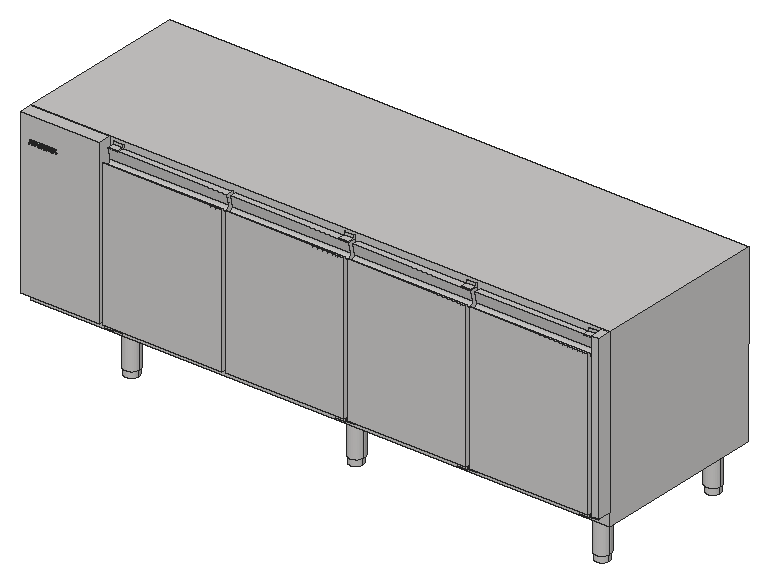
Revit family "QF_ALPENINOX_721160_AA4R7AAAA", category Attrezzature speciali, Revit 2018
Family settings
  Quota connettore circolare = Usa diametro
  Tipo di parte = Normale
  Basato su piano di lavoro = No
  Sempre verticale = Sì
  Taglio con vuoti quando caricato = No
  Condiviso = No
  Punto di calcolo locali = No
Parameters (values of type "Standard")
  Weight = 130.00 kg
  Watts = 270 W
  Volts = 220 V
  URL Manufacturer = "http://www.alpeninox.com"
  URL = "http://www.alpeninox.com"
  Steam Supply Size = 0 mm
  Steam Supply Minimum Pressure = 0.0 Pa
  Steam Supply Maximum Pressure = 0.0 Pa
  Steam Consumption per Hour = 0
  Refrigeration Suction Line Size = 0 mm
  Refrigeration Liquid Line Size = 0 mm
  Refrigerant Compressor Remote = yes
  Produttore = "Alpeninox"
  Phase = 1
  Modello = "AA4R7AAAA"
  Length Actual = 2149 mm  # constant formula
  Item Number = "721160"
  Hot Water Size = 0 mm
  Height Actual = 800 mm  # constant formula
  HP = "0.4 HP"
  Gas Size = 0 mm
  Gas KW = 0
  Gas Input Pressure = 0 W
  Direct Waste Size = 0 mm
  Descrizione = "4-DOOR REFRIGERATED COUNTER, -2+10°C, FULL AISI 304 (R290), WITHOUT WORK TOP"
  Depth Actual = 700 mm  # constant formula
  Cycle = 50 Hz
  Condensate Return Size = 0 mm
  Compressed Air Volume = 0.0 L/s
  Compressed Air Size = 0 mm
  Compressed Air Pressure = 0.0 Pa
  Cold Water Size = 0 mm
  Accessory = yes
Values of the unnamed type that differ from the named types
  Weight = 0.00 kg
  Watts = 0 W
  Volts = 0 V
  URL Manufacturer = ""
  Item Number = ""
  HP = ""
  Cycle = 0 Hz
Reference planes
  plane 1: z = 0
  plane 2 "Center (Left/Right)": x = -126.5
  plane 3 "Center (Front/Back)": y = 64.5
  plane 4 "FEET": z = 150
  plane 5 "TOP": z = 850
  plane 6 "PLAIN": z = 800
  plane 7 "EI_back": y = 103
  plane 8 "EI_left": x = -1140
  plane 9 "BACK": y = 412
  plane 10 "FRONT": y = -283
  plane 11 "DOOR": y = -233
  plane 12 "LEFT": x = -1201
  plane 13 "RIGHT": x = 948
  plane 14: x = -1176
  plane 15: x = 923
Forms (mm)
  Extrusion 1, solid, material "QF_Finishes_Stainless Steel"
    sketch origin (-1022.223, -1524, 150) x (-1, 0, 0) y (0, -1, 0)
      loop
        circle (117.777, -1627) r 5
    from 0 to -40
  Extrusion 2, solid, material "QF_Finishes_Stainless Steel"
    sketch origin (-1022.223, -1524, 150) x (-1, 0, 0) y (0, -1, 0)
      loop
        line (-1945.223, -1291) -> (-1945.223, -1241) -> (-1970.223, -1241) -> (-1970.223, -1291) -> (-1945.223, -1291)
    from 48 to 650
  Extrusion 3, solid, material "QF_Finishes_Stainless Steel"
    sketch origin (-1022.223, -1524, 150) x (-1, 0, 0) y (0, -1, 0)
      loop
        line (178.777, -1936) -> (178.777, -1291) -> (-1970.223, -1291) -> (-1970.223, -1936) -> (178.777, -1936)
    from 0 to 650
Lines and regions (mm)
  symbolic lines, style "SpecialityEquipmentHiddenLines"
    curve 1: line (-1201, 412, 150) -> (948, 412, 150)
    curve 2: line (-1201, -283, 150) -> (-1201, 412, 150)
    curve 3: line (948, -283, 150) -> (-1201, -283, 150)
    curve 4: line (948, 412, 150) -> (948, -283, 150)
    curve 5: line (-1201, -233, 150) -> (948, -233, 150)
    curve 6: line (923, -283, 150) -> (923, -233, 150)
Dimensions and locks
  plane 4 "FEET" to level = 150 mm
  plane 11 "DOOR" to plane 10 "FRONT" = 50 mm
  plane 6 "PLAIN" to plane 4 "FEET" = 650 mm
  plane 5 "TOP" to plane 6 "PLAIN" = 50 mm
  plane 12 "LEFT" to plane 14 = 25 mm
  plane 15 to plane 13 "RIGHT" = 25 mm
  plane 9 "BACK" to plane 7 "EI_back" = 309 mm
  plane 12 "LEFT" to plane 8 "EI_left" = 61 mm
  plane 12 "LEFT" to plane 13 "RIGHT" = 2149 mm
  equal spacing: plane 12 "LEFT", plane 2 "Center (Left/Right)", plane 13 "RIGHT"
  plane 9 "BACK" to plane 10 "FRONT" = 695 mm
  equal spacing: plane 9 "BACK", plane 3 "Center (Front/Back)", plane 10 "FRONT"
  aligned and locked: level to plane 1
Automatic sketch dimensions
  Extrusion 1 sketch curve to plane 7 "EI_back" = 0 mm
  Extrusion 1 sketch curve to plane 8 "EI_left" = 0 mm
  Extrusion 2 sketch curve to plane 11 "DOOR" = 0 mm
  Extrusion 2 sketch curve to plane 13 "RIGHT" = 0 mm
  Extrusion 2 sketch curve to plane 10 "FRONT" = 0 mm
  Extrusion 2 sketch curve to plane 15 = 0 mm
  Extrusion 3 sketch curve to plane 9 "BACK" = 0 mm
  Extrusion 3 sketch curve to plane 13 "RIGHT" = 0 mm
  Extrusion 3 sketch curve to plane 11 "DOOR" = 0 mm
  Extrusion 3 sketch curve to plane 12 "LEFT" = 0 mm
  curve 1 to plane 13 "RIGHT" = 0 mm
  curve 6 to plane 10 "FRONT" = 0 mm
  curve 6 to plane 15 = 0 mm
  curve 5 to plane 12 "LEFT" = 0 mm
  curve 6 to plane 11 "DOOR" = 0 mm
  curve 1 to plane 9 "BACK" = 0 mm
  radius of Extrusion 1 sketch curve = 5 mm
Nested families
  nested 1: "HP_Refrigerator" at (948, -283, 0), type "HP_Refrigerator"
  nested 2: "HP_FEET" at (-867, 331, 0), type "HP_FEET"
  nested 3: "HP_FEET" at (882, 331, 0), type "HP_FEET"
  nested 4: "HP_FEET" at (-867, -183, 0), type "HP_FEET"
  nested 5: "HP_FEET" at (882, -183, 0), type "HP_FEET"
  nested 6: "HP_FEET" at (-32, -183, 0), type "HP_FEET"
  nested 7: "HP_APX_BI_TN_L" at (-994.08, -233, 548) x (1, 0, 0) z (0, -1, 0), type "HP_APX_BI_TN_L"
    with Show Logo yes
  nested 8: "HP_APX_SD_L" at (-673, -233, 458.88) x (1, 0, 0) z (0, -1, 0), type "HP_APX_SD_L"
    with Show Clearance yes
  nested 9: "HP_APX_SD_R" at (-219, -233, 458.88) x (1, 0, 0) z (0, -1, 0), type "HP_APX_SD_R"
    with Show Clearance yes
  nested 10: "HP_APX_SD_R" at (235, -233, 458.88) x (1, 0, 0) z (0, -1, 0), type "HP_APX_SD_R"
    with Show Clearance yes
  nested 11: "HP_APX_SD_R" at (689, -233, 458.88) x (1, 0, 0) z (0, -1, 0), type "HP_APX_SD_R"
    with Show Clearance yes
Connectors
  electrical at (-1140, 103, 110), driven by "Volts"
    settings: on Extrusion 1, index 1, voltage 220 V, apparent load 0 VA, apparent load phase1 0 VA, apparent load phase2 0 VA, apparent load phase3 0 VA, power factor 1, load classification "Other", number of poles 1, system type 31, power factor state 1, is connector primary yes, connector utility no, sub classification motor no, connector description "Electrical Connection"
Definition of nested family "HP_FEET"
  Parameters
    FEET = 150 mm
  Reference planes
    plane 1 "Center (Front/Back)": y = 0
    plane 2: z = 0
    plane 3 "Center (Left/Right)": x = 0
    plane 4: z = 150
  Forms (mm)
    Revolve 1, solid
      sketch origin (255.05, 0, 608.09) x (0, 0, 1) y (-1, 0, 0)
        loop
          line (-608.09, 255.05) -> (-608.09, 230.05) -> (-583.09, 230.05) -> (-583.09, 226.05) -> (-458.09, 226.05) -> (-458.09, 255.05) -> (-608.09, 255.05)
        axis (-608.09, 255.05) -> (-458.09, 255.05)
      angle from 0 to 360
  Dimensions and locks
    locked: Revolve 1 sketch curve to Revolve 1 sketch curve at 125
    "FEET": plane 4 to plane 2
    aligned and locked: level to plane 2
    aligned and locked: plane 4 to Revolve 1 sketch curve
    aligned and locked: Revolve 1 sketch curve to level
    aligned and locked: plane 3 "Center (Left/Right)" to Revolve 1 sketch curve
  Automatic sketch dimensions
    Revolve 1 sketch curve to plane 3 "Center (Left/Right)" = 0 mm
    Revolve 1 sketch curve to Revolve 1 sketch curve = 25 mm
    Revolve 1 sketch curve to Revolve 1 sketch curve = 29 mm
    plane 4 to Revolve 1 sketch curve = 50 mm
    Revolve 1 sketch curve to Revolve 1 sketch curve = 20 mm
Definition of nested family "HP_APX_BI_TN_L"
  Parameters
    Show Logo [instance] = yes
    Default Elevation = 1219.2 mm
  Reference planes
    plane 1 "Center (Front/Back)": y = -49
    plane 2: z = 0
    plane 3 "Center (Left/Right)": x = -59.92
    plane 4: x = -206.92
    plane 5: x = 87.08
    plane 6: y = 252
    plane 7: y = -350
  Forms (mm)
    Extrusion 1, solid
      sketch origin (0, 0, 0) x (1, 0, 0) y (0, 1, 0)
        loop
          line (-1219.2, 1219.2) -> (-1219.2, -1219.2) -> (1219.2, -1219.2) -> (1219.2, 1219.2) -> (-1219.2, 1219.2)
      from 0 to -304.8
    Extrusion 2, solid
      sketch origin (0, 0, 0) x (1, 0, 0) y (0, 1, 0)
        loop
          line (-206.92, 252) -> (-206.92, -350) -> (87.08, -350) -> (87.08, 252) -> (-206.92, 252)
      from 0 to 50
    Extrusion 3, solid
      sketch origin (0, 0, 0) x (1, 0, 0) y (0, 1, 0)
        loop
          line (-168.675, 170.349) -> (-172.411, 160.318)
          arc (-172.411, 160.318) -> (-171.624, 158.497) -> (-169.837, 159.36) r 1.374
          line (-169.837, 159.36) -> (-169.268, 161.111) -> (-164.1, 161.111) -> (-163.54, 159.379)
          arc (-163.54, 159.379) -> (-161.802, 158.542) -> (-161.049, 160.318) r 1.333
          line (-161.049, 160.318) -> (-164.694, 170.349)
          arc (-164.694, 170.349) -> (-166.685, 171.876) -> (-168.675, 170.349) r 2.06
        loop
          line (-166.681, 169.055) -> (-168.469, 163.655) -> (-164.935, 163.655) -> (-166.681, 169.055)
        loop
          arc (-159.705, 160.042) -> (-159.262, 158.973) -> (-158.194, 158.531) r 1.512
          line (-158.194, 158.531) -> (-153.608, 158.531)
          arc (-153.608, 158.531) -> (-152.337, 159.802) -> (-153.608, 161.074) r 1.272
          line (-153.608, 161.074) -> (-156.917, 161.074) -> (-156.917, 170.328)
          arc (-156.917, 170.328) -> (-158.311, 171.722) -> (-159.705, 170.328) r 1.394
          line (-159.705, 170.328) -> (-159.705, 160.042)
        loop
          line (-151.076, 170.218) -> (-151.076, 159.859)
          arc (-151.076, 159.859) -> (-149.683, 158.466) -> (-148.29, 159.859) r 1.393
          line (-148.29, 159.859) -> (-148.29, 162.882) -> (-146.225, 162.882)
          arc (-146.225, 162.882) -> (-142.999, 163.859) -> (-141.608, 166.928) r 4.082
          arc (-141.608, 166.928) -> (-142.993, 170.272) -> (-146.336, 171.657) r 4.728
          line (-146.336, 171.657) -> (-149.638, 171.657)
          arc (-149.638, 171.657) -> (-150.655, 171.235) -> (-151.076, 170.218) r 1.439
        loop
          line (-148.29, 165.313) -> (-146.388, 165.313)
          arc (-146.388, 165.313) -> (-144.433, 167.268) -> (-146.388, 169.222) r 1.955
          line (-146.388, 169.222) -> (-148.29, 169.222) -> (-148.29, 165.313)
        loop
          arc (-131.184, 166.332) -> (-132.004, 168.2) -> (-133.767, 169.228) r 3.3
          arc (-133.767, 169.228) -> (-136.353, 168.661) -> (-137.611, 166.332) r 3.176
          line (-137.611, 166.332) -> (-131.184, 166.332)
        loop
          line (-137.538, 163.743) -> (-130.544, 163.743)
          arc (-130.544, 163.743) -> (-129.292, 163.916) -> (-128.301, 164.701) r 2.4
          arc (-128.301, 164.701) -> (-128.155, 165.545) -> (-128.212, 166.399) r 3.635
          arc (-128.212, 166.399) -> (-130.364, 170.162) -> (-134.39, 171.769) r 6.579
          arc (-134.39, 171.769) -> (-138.918, 169.706) -> (-140.661, 165.044) r 6.501
          arc (-140.661, 165.044) -> (-139.276, 160.789) -> (-135.401, 158.549) r 6.252
          arc (-135.401, 158.549) -> (-132.922, 158.526) -> (-130.544, 159.232) r 8.361
          arc (-130.544, 159.232) -> (-129.466, 159.781) -> (-128.641, 160.666) r 3.486
          arc (-128.641, 160.666) -> (-128.419, 161.592) -> (-128.828, 162.451) r 1.425
          arc (-128.828, 162.451) -> (-129.368, 162.762) -> (-129.99, 162.762) r 1.203
          arc (-129.99, 162.762) -> (-130.406, 162.59) -> (-130.764, 162.316) r 1.724
          arc (-130.764, 162.316) -> (-131.666, 161.705) -> (-132.646, 161.229) r 7.6
          arc (-132.646, 161.229) -> (-135.676, 161.35) -> (-137.538, 163.743) r 3.6
        loop
          line (-126.669, 170.328) -> (-126.669, 159.859)
          arc (-126.669, 159.859) -> (-125.273, 158.463) -> (-123.878, 159.859) r 1.396
          line (-123.878, 159.859) -> (-123.878, 166.785) -> (-117.946, 159.029)
          arc (-117.946, 159.029) -> (-116.361, 158.51) -> (-115.379, 159.859) r 1.417
          line (-115.379, 159.859) -> (-115.379, 170.328)
          arc (-115.379, 170.328) -> (-116.774, 171.723) -> (-118.169, 170.328) r 1.395
          line (-118.169, 170.328) -> (-118.169, 163.311) -> (-124.101, 171.157)
          arc (-124.101, 171.157) -> (-125.687, 171.678) -> (-126.669, 170.328) r 1.418
        loop
          arc (-113.636, 159.859) -> (-112.241, 158.464) -> (-110.847, 159.859) r 1.394
          line (-110.847, 159.859) -> (-110.847, 170.328)
          arc (-110.847, 170.328) -> (-112.241, 171.723) -> (-113.636, 170.328) r 1.394
          line (-113.636, 170.328) -> (-113.636, 159.859)
        loop
          line (-109.102, 170.328) -> (-109.102, 159.859)
          arc (-109.102, 159.859) -> (-107.706, 158.463) -> (-106.31, 159.859) r 1.396
          line (-106.31, 159.859) -> (-106.31, 166.785) -> (-100.378, 159.029)
          arc (-100.378, 159.029) -> (-98.793, 158.51) -> (-97.812, 159.859) r 1.417
          line (-97.812, 159.859) -> (-97.812, 170.328)
          arc (-97.812, 170.328) -> (-99.207, 171.723) -> (-100.602, 170.328) r 1.395
          line (-100.602, 170.328) -> (-100.602, 163.311) -> (-106.533, 171.157)
          arc (-106.533, 171.157) -> (-108.119, 171.678) -> (-109.102, 170.328) r 1.418
        loop
          arc (-96.345, 165.093) -> (-95.619, 161.877) -> (-93.467, 159.379) r 6.806
          arc (-93.467, 159.379) -> (-91.792, 158.566) -> (-89.948, 158.31) r 5.956
          arc (-89.948, 158.31) -> (-88.104, 158.566) -> (-86.43, 159.379) r 5.956
          arc (-86.43, 159.379) -> (-84.277, 161.877) -> (-83.551, 165.093) r 6.806
          arc (-83.551, 165.093) -> (-84.277, 168.31) -> (-86.43, 170.808) r 6.806
          arc (-86.43, 170.808) -> (-88.104, 171.621) -> (-89.948, 171.877) r 5.956
          arc (-89.948, 171.877) -> (-91.792, 171.621) -> (-93.467, 170.808) r 5.956
          arc (-93.467, 170.808) -> (-95.619, 168.31) -> (-96.345, 165.093) r 6.806
        loop
          arc (-93.425, 165.093) -> (-93.138, 163.212) -> (-92.081, 161.629) r 4.387
          arc (-92.081, 161.629) -> (-91.087, 161.049) -> (-89.948, 160.881) r 3.035
          arc (-89.948, 160.881) -> (-88.809, 161.049) -> (-87.815, 161.629) r 3.035
          arc (-87.815, 161.629) -> (-86.759, 163.212) -> (-86.472, 165.093) r 4.387
          arc (-86.472, 165.093) -> (-86.759, 166.975) -> (-87.815, 168.558) r 4.387
          arc (-87.815, 168.558) -> (-88.809, 169.138) -> (-89.948, 169.306) r 3.035
          arc (-89.948, 169.306) -> (-91.087, 169.138) -> (-92.081, 168.558) r 3.035
          arc (-92.081, 168.558) -> (-93.138, 166.975) -> (-93.425, 165.093) r 4.387
        loop
          line (-83.139, 169.609) -> (-80.126, 165.552) -> (-83.81, 160.652)
          arc (-83.81, 160.652) -> (-83.512, 158.692) -> (-81.559, 159.029) r 1.388
          line (-81.559, 159.029) -> (-78.51, 163.232) -> (-75.461, 159.029)
          arc (-75.461, 159.029) -> (-73.507, 158.692) -> (-73.21, 160.652) r 1.388
          line (-73.21, 160.652) -> (-76.894, 165.552) -> (-73.881, 169.609)
          arc (-73.881, 169.609) -> (-74.249, 171.597) -> (-76.205, 171.084) r 1.38
          line (-76.205, 171.084) -> (-78.51, 167.841) -> (-80.815, 171.084)
          arc (-80.815, 171.084) -> (-82.771, 171.597) -> (-83.139, 169.609) r 1.38
      from 50 to 51.6
    Extrusion 4, solid, not visible
      sketch origin (0, 0, 0) x (1, 0, 0) y (0, 1, 0)
        loop
          line (-206.92, 252) -> (-206.92, -400) -> (87.08, -400) -> (87.08, 252) -> (-206.92, 252)
      from 0 to 50
  Lines and regions (mm)
    Split face 1
      outline origin (0, 0, 50) x (1, 0, 0) y (0, 1, 0)
        loop
          line (87.08, 183) -> (-172.92, 183)
          arc (-172.92, 183) -> (-190.42, 165.5) -> (-172.92, 148) r 17.5
          line (-172.92, 148) -> (87.08, 148)
    Split face 2
      outline origin (-38, 0, 50) x (1, 0, 0) y (0, 1, 0)
        loop
          line (-5.42, 177) -> (-5.42, 154) -> (64.58, 154) -> (64.58, 177) -> (-5.42, 177)
    Split face 3
      outline origin (-38, 0, 50) x (1, 0, 0) y (0, 1, 0)
        loop
          line (44.58, 174) -> (44.58, 157) -> (61.58, 157) -> (61.58, 174) -> (44.58, 174)
    Split face 4
      outline origin (0, 0, 50) x (1, 0, 0) y (0, 1, 0)
        loop
          line (-206.92, 188) -> (87.08, 188)
    Split face 5
      outline origin (0, 0, 50) x (1, 0, 0) y (0, 1, 0)
        loop
          arc (-163.464, 131.824) -> (-167.464, 127.824) -> (-163.464, 123.824) r 4
          line (-163.464, 123.824) -> (-121.464, 123.824)
          arc (-121.464, 123.824) -> (-117.464, 127.824) -> (-121.464, 131.824) r 4
          line (-121.464, 131.824) -> (-163.464, 131.824)
    Split face 6
      outline origin (330, 0, 50) x (1, 0, 0) y (0, 1, 0)
        loop
          arc (-328.464, 131.824) -> (-332.464, 127.824) -> (-328.464, 123.824) r 4
          line (-328.464, 123.824) -> (-286.464, 123.824)
          arc (-286.464, 123.824) -> (-282.464, 127.824) -> (-286.464, 131.824) r 4
          line (-286.464, 131.824) -> (-328.464, 131.824)
    Split face 7
      outline origin (110, 0, 50) x (1, 0, 0) y (0, 1, 0)
        loop
          arc (-218.464, 131.824) -> (-222.464, 127.824) -> (-218.464, 123.824) r 4
          line (-218.464, 123.824) -> (-176.464, 123.824)
          arc (-176.464, 123.824) -> (-172.464, 127.824) -> (-176.464, 131.824) r 4
          line (-176.464, 131.824) -> (-218.464, 131.824)
    Split face 8
      outline origin (220, 0, 50) x (1, 0, 0) y (0, 1, 0)
        loop
          arc (-273.464, 131.824) -> (-277.464, 127.824) -> (-273.464, 123.824) r 4
          line (-273.464, 123.824) -> (-231.464, 123.824)
          arc (-231.464, 123.824) -> (-227.464, 127.824) -> (-231.464, 131.824) r 4
          line (-231.464, 131.824) -> (-273.464, 131.824)
    Split face 9, not visible
      outline origin (0, 0, 50) x (1, 0, 0) y (0, 1, 0)
        loop
          arc (-163.464, 131.824) -> (-167.464, 127.824) -> (-163.464, 123.824) r 4
          line (-163.464, 123.824) -> (-121.464, 123.824)
          arc (-121.464, 123.824) -> (-117.464, 127.824) -> (-121.464, 131.824) r 4
          line (-121.464, 131.824) -> (-163.464, 131.824)
    Split face 10
      outline origin (0, -24, 50) x (1, 0, 0) y (0, 1, 0)
        loop
          arc (-163.464, 143.824) -> (-167.464, 139.824) -> (-163.464, 135.824) r 4
          line (-163.464, 135.824) -> (-121.464, 135.824)
          arc (-121.464, 135.824) -> (-117.464, 139.824) -> (-121.464, 143.824) r 4
          line (-121.464, 143.824) -> (-163.464, 143.824)
    Split face 11
      outline origin (330, -24, 50) x (1, 0, 0) y (0, 1, 0)
        loop
          arc (-328.464, 143.824) -> (-332.464, 139.824) -> (-328.464, 135.824) r 4
          line (-328.464, 135.824) -> (-286.464, 135.824)
          arc (-286.464, 135.824) -> (-282.464, 139.824) -> (-286.464, 143.824) r 4
          line (-286.464, 143.824) -> (-328.464, 143.824)
    Split face 12
      outline origin (110, -24, 50) x (1, 0, 0) y (0, 1, 0)
        loop
          arc (-218.464, 143.824) -> (-222.464, 139.824) -> (-218.464, 135.824) r 4
          line (-218.464, 135.824) -> (-176.464, 135.824)
          arc (-176.464, 135.824) -> (-172.464, 139.824) -> (-176.464, 143.824) r 4
          line (-176.464, 143.824) -> (-218.464, 143.824)
    Split face 13
      outline origin (220, -24, 50) x (1, 0, 0) y (0, 1, 0)
        loop
          arc (-273.464, 143.824) -> (-277.464, 139.824) -> (-273.464, 135.824) r 4
          line (-273.464, 135.824) -> (-231.464, 135.824)
          arc (-231.464, 135.824) -> (-227.464, 139.824) -> (-231.464, 143.824) r 4
          line (-231.464, 143.824) -> (-273.464, 143.824)
    Split face 14
      outline origin (0, -48, 50) x (1, 0, 0) y (0, 1, 0)
        loop
          arc (-163.464, 155.824) -> (-167.464, 151.824) -> (-163.464, 147.824) r 4
          line (-163.464, 147.824) -> (-121.464, 147.824)
          arc (-121.464, 147.824) -> (-117.464, 151.824) -> (-121.464, 155.824) r 4
          line (-121.464, 155.824) -> (-163.464, 155.824)
    Split face 15
      outline origin (330, -48, 50) x (1, 0, 0) y (0, 1, 0)
        loop
          arc (-328.464, 155.824) -> (-332.464, 151.824) -> (-328.464, 147.824) r 4
          line (-328.464, 147.824) -> (-286.464, 147.824)
          arc (-286.464, 147.824) -> (-282.464, 151.824) -> (-286.464, 155.824) r 4
          line (-286.464, 155.824) -> (-328.464, 155.824)
    Split face 16
      outline origin (110, -48, 50) x (1, 0, 0) y (0, 1, 0)
        loop
          arc (-218.464, 155.824) -> (-222.464, 151.824) -> (-218.464, 147.824) r 4
          line (-218.464, 147.824) -> (-176.464, 147.824)
          arc (-176.464, 147.824) -> (-172.464, 151.824) -> (-176.464, 155.824) r 4
          line (-176.464, 155.824) -> (-218.464, 155.824)
    Split face 17
      outline origin (220, -48, 50) x (1, 0, 0) y (0, 1, 0)
        loop
          arc (-273.464, 155.824) -> (-277.464, 151.824) -> (-273.464, 147.824) r 4
          line (-273.464, 147.824) -> (-231.464, 147.824)
          arc (-231.464, 147.824) -> (-227.464, 151.824) -> (-231.464, 155.824) r 4
          line (-231.464, 155.824) -> (-273.464, 155.824)
    Split face 18
      outline origin (0, -72, 50) x (1, 0, 0) y (0, 1, 0)
        loop
          arc (-163.464, 167.824) -> (-167.464, 163.824) -> (-163.464, 159.824) r 4
          line (-163.464, 159.824) -> (-121.464, 159.824)
          arc (-121.464, 159.824) -> (-117.464, 163.824) -> (-121.464, 167.824) r 4
          line (-121.464, 167.824) -> (-163.464, 167.824)
    Split face 19
      outline origin (330, -72, 50) x (1, 0, 0) y (0, 1, 0)
        loop
          arc (-328.464, 167.824) -> (-332.464, 163.824) -> (-328.464, 159.824) r 4
          line (-328.464, 159.824) -> (-286.464, 159.824)
          arc (-286.464, 159.824) -> (-282.464, 163.824) -> (-286.464, 167.824) r 4
          line (-286.464, 167.824) -> (-328.464, 167.824)
    Split face 20
      outline origin (110, -72, 50) x (1, 0, 0) y (0, 1, 0)
        loop
          arc (-218.464, 167.824) -> (-222.464, 163.824) -> (-218.464, 159.824) r 4
          line (-218.464, 159.824) -> (-176.464, 159.824)
          arc (-176.464, 159.824) -> (-172.464, 163.824) -> (-176.464, 167.824) r 4
          line (-176.464, 167.824) -> (-218.464, 167.824)
    Split face 21
      outline origin (220, -72, 50) x (1, 0, 0) y (0, 1, 0)
        loop
          arc (-273.464, 167.824) -> (-277.464, 163.824) -> (-273.464, 159.824) r 4
          line (-273.464, 159.824) -> (-231.464, 159.824)
          arc (-231.464, 159.824) -> (-227.464, 163.824) -> (-231.464, 167.824) r 4
          line (-231.464, 167.824) -> (-273.464, 167.824)
    Split face 22
      outline origin (0, -96, 50) x (1, 0, 0) y (0, 1, 0)
        loop
          arc (-163.464, 179.824) -> (-167.464, 175.824) -> (-163.464, 171.824) r 4
          line (-163.464, 171.824) -> (-121.464, 171.824)
          arc (-121.464, 171.824) -> (-117.464, 175.824) -> (-121.464, 179.824) r 4
          line (-121.464, 179.824) -> (-163.464, 179.824)
    Split face 23
      outline origin (330, -96, 50) x (1, 0, 0) y (0, 1, 0)
        loop
          arc (-328.464, 179.824) -> (-332.464, 175.824) -> (-328.464, 171.824) r 4
          line (-328.464, 171.824) -> (-286.464, 171.824)
          arc (-286.464, 171.824) -> (-282.464, 175.824) -> (-286.464, 179.824) r 4
          line (-286.464, 179.824) -> (-328.464, 179.824)
    Split face 24
      outline origin (110, -96, 50) x (1, 0, 0) y (0, 1, 0)
        loop
          arc (-218.464, 179.824) -> (-222.464, 175.824) -> (-218.464, 171.824) r 4
          line (-218.464, 171.824) -> (-176.464, 171.824)
          arc (-176.464, 171.824) -> (-172.464, 175.824) -> (-176.464, 179.824) r 4
          line (-176.464, 179.824) -> (-218.464, 179.824)
    Split face 25
      outline origin (220, -96, 50) x (1, 0, 0) y (0, 1, 0)
        loop
          arc (-273.464, 179.824) -> (-277.464, 175.824) -> (-273.464, 171.824) r 4
          line (-273.464, 171.824) -> (-231.464, 171.824)
          arc (-231.464, 171.824) -> (-227.464, 175.824) -> (-231.464, 179.824) r 4
          line (-231.464, 179.824) -> (-273.464, 179.824)
    Split face 26
      outline origin (0, -120, 50) x (1, 0, 0) y (0, 1, 0)
        loop
          arc (-163.464, 191.824) -> (-167.464, 187.824) -> (-163.464, 183.824) r 4
          line (-163.464, 183.824) -> (-121.464, 183.824)
          arc (-121.464, 183.824) -> (-117.464, 187.824) -> (-121.464, 191.824) r 4
          line (-121.464, 191.824) -> (-163.464, 191.824)
    Split face 27
      outline origin (330, -120, 50) x (1, 0, 0) y (0, 1, 0)
        loop
          arc (-328.464, 191.824) -> (-332.464, 187.824) -> (-328.464, 183.824) r 4
          line (-328.464, 183.824) -> (-286.464, 183.824)
          arc (-286.464, 183.824) -> (-282.464, 187.824) -> (-286.464, 191.824) r 4
          line (-286.464, 191.824) -> (-328.464, 191.824)
    Split face 28
      outline origin (110, -120, 50) x (1, 0, 0) y (0, 1, 0)
        loop
          arc (-218.464, 191.824) -> (-222.464, 187.824) -> (-218.464, 183.824) r 4
          line (-218.464, 183.824) -> (-176.464, 183.824)
          arc (-176.464, 183.824) -> (-172.464, 187.824) -> (-176.464, 191.824) r 4
          line (-176.464, 191.824) -> (-218.464, 191.824)
    Split face 29
      outline origin (220, -120, 50) x (1, 0, 0) y (0, 1, 0)
        loop
          arc (-273.464, 191.824) -> (-277.464, 187.824) -> (-273.464, 183.824) r 4
          line (-273.464, 183.824) -> (-231.464, 183.824)
          arc (-231.464, 183.824) -> (-227.464, 187.824) -> (-231.464, 191.824) r 4
          line (-231.464, 191.824) -> (-273.464, 191.824)
    Split face 30
      outline origin (0, -144, 50) x (1, 0, 0) y (0, 1, 0)
        loop
          arc (-163.464, 203.824) -> (-167.464, 199.824) -> (-163.464, 195.824) r 4
          line (-163.464, 195.824) -> (-121.464, 195.824)
          arc (-121.464, 195.824) -> (-117.464, 199.824) -> (-121.464, 203.824) r 4
          line (-121.464, 203.824) -> (-163.464, 203.824)
    Split face 31
      outline origin (330, -144, 50) x (1, 0, 0) y (0, 1, 0)
        loop
          arc (-328.464, 203.824) -> (-332.464, 199.824) -> (-328.464, 195.824) r 4
          line (-328.464, 195.824) -> (-286.464, 195.824)
          arc (-286.464, 195.824) -> (-282.464, 199.824) -> (-286.464, 203.824) r 4
          line (-286.464, 203.824) -> (-328.464, 203.824)
    Split face 32
      outline origin (110, -144, 50) x (1, 0, 0) y (0, 1, 0)
        loop
          arc (-218.464, 203.824) -> (-222.464, 199.824) -> (-218.464, 195.824) r 4
          line (-218.464, 195.824) -> (-176.464, 195.824)
          arc (-176.464, 195.824) -> (-172.464, 199.824) -> (-176.464, 203.824) r 4
          line (-176.464, 203.824) -> (-218.464, 203.824)
    Split face 33
      outline origin (220, -144, 50) x (1, 0, 0) y (0, 1, 0)
        loop
          arc (-273.464, 203.824) -> (-277.464, 199.824) -> (-273.464, 195.824) r 4
          line (-273.464, 195.824) -> (-231.464, 195.824)
          arc (-231.464, 195.824) -> (-227.464, 199.824) -> (-231.464, 203.824) r 4
          line (-231.464, 203.824) -> (-273.464, 203.824)
    Split face 34
      outline origin (0, -168, 50) x (1, 0, 0) y (0, 1, 0)
        loop
          arc (-163.464, 215.824) -> (-167.464, 211.824) -> (-163.464, 207.824) r 4
          line (-163.464, 207.824) -> (-121.464, 207.824)
          arc (-121.464, 207.824) -> (-117.464, 211.824) -> (-121.464, 215.824) r 4
          line (-121.464, 215.824) -> (-163.464, 215.824)
    Split face 35
      outline origin (330, -168, 50) x (1, 0, 0) y (0, 1, 0)
        loop
          arc (-328.464, 215.824) -> (-332.464, 211.824) -> (-328.464, 207.824) r 4
          line (-328.464, 207.824) -> (-286.464, 207.824)
          arc (-286.464, 207.824) -> (-282.464, 211.824) -> (-286.464, 215.824) r 4
          line (-286.464, 215.824) -> (-328.464, 215.824)
    Split face 36
      outline origin (110, -168, 50) x (1, 0, 0) y (0, 1, 0)
        loop
          arc (-218.464, 215.824) -> (-222.464, 211.824) -> (-218.464, 207.824) r 4
          line (-218.464, 207.824) -> (-176.464, 207.824)
          arc (-176.464, 207.824) -> (-172.464, 211.824) -> (-176.464, 215.824) r 4
          line (-176.464, 215.824) -> (-218.464, 215.824)
    Split face 37
      outline origin (220, -168, 50) x (1, 0, 0) y (0, 1, 0)
        loop
          arc (-273.464, 215.824) -> (-277.464, 211.824) -> (-273.464, 207.824) r 4
          line (-273.464, 207.824) -> (-231.464, 207.824)
          arc (-231.464, 207.824) -> (-227.464, 211.824) -> (-231.464, 215.824) r 4
          line (-231.464, 215.824) -> (-273.464, 215.824)
    Split face 38
      outline origin (0, -192, 50) x (1, 0, 0) y (0, 1, 0)
        loop
          arc (-163.464, 227.824) -> (-167.464, 223.824) -> (-163.464, 219.824) r 4
          line (-163.464, 219.824) -> (-121.464, 219.824)
          arc (-121.464, 219.824) -> (-117.464, 223.824) -> (-121.464, 227.824) r 4
          line (-121.464, 227.824) -> (-163.464, 227.824)
    Split face 39
      outline origin (330, -192, 50) x (1, 0, 0) y (0, 1, 0)
        loop
          arc (-328.464, 227.824) -> (-332.464, 223.824) -> (-328.464, 219.824) r 4
          line (-328.464, 219.824) -> (-286.464, 219.824)
          arc (-286.464, 219.824) -> (-282.464, 223.824) -> (-286.464, 227.824) r 4
          line (-286.464, 227.824) -> (-328.464, 227.824)
    Split face 40
      outline origin (110, -192, 50) x (1, 0, 0) y (0, 1, 0)
        loop
          arc (-218.464, 227.824) -> (-222.464, 223.824) -> (-218.464, 219.824) r 4
          line (-218.464, 219.824) -> (-176.464, 219.824)
          arc (-176.464, 219.824) -> (-172.464, 223.824) -> (-176.464, 227.824) r 4
          line (-176.464, 227.824) -> (-218.464, 227.824)
    Split face 41
      outline origin (220, -192, 50) x (1, 0, 0) y (0, 1, 0)
        loop
          arc (-273.464, 227.824) -> (-277.464, 223.824) -> (-273.464, 219.824) r 4
          line (-273.464, 219.824) -> (-231.464, 219.824)
          arc (-231.464, 219.824) -> (-227.464, 223.824) -> (-231.464, 227.824) r 4
          line (-231.464, 227.824) -> (-273.464, 227.824)
    Split face 42
      outline origin (0, -216, 50) x (1, 0, 0) y (0, 1, 0)
        loop
          arc (-163.464, 239.824) -> (-167.464, 235.824) -> (-163.464, 231.824) r 4
          line (-163.464, 231.824) -> (-121.464, 231.824)
          arc (-121.464, 231.824) -> (-117.464, 235.824) -> (-121.464, 239.824) r 4
          line (-121.464, 239.824) -> (-163.464, 239.824)
    Split face 43
      outline origin (330, -216, 50) x (1, 0, 0) y (0, 1, 0)
        loop
          arc (-328.464, 239.824) -> (-332.464, 235.824) -> (-328.464, 231.824) r 4
          line (-328.464, 231.824) -> (-286.464, 231.824)
          arc (-286.464, 231.824) -> (-282.464, 235.824) -> (-286.464, 239.824) r 4
          line (-286.464, 239.824) -> (-328.464, 239.824)
    Split face 44
      outline origin (110, -216, 50) x (1, 0, 0) y (0, 1, 0)
        loop
          arc (-218.464, 239.824) -> (-222.464, 235.824) -> (-218.464, 231.824) r 4
          line (-218.464, 231.824) -> (-176.464, 231.824)
          arc (-176.464, 231.824) -> (-172.464, 235.824) -> (-176.464, 239.824) r 4
          line (-176.464, 239.824) -> (-218.464, 239.824)
    Split face 45
      outline origin (220, -216, 50) x (1, 0, 0) y (0, 1, 0)
        loop
          arc (-273.464, 239.824) -> (-277.464, 235.824) -> (-273.464, 231.824) r 4
          line (-273.464, 231.824) -> (-231.464, 231.824)
          arc (-231.464, 231.824) -> (-227.464, 235.824) -> (-231.464, 239.824) r 4
          line (-231.464, 239.824) -> (-273.464, 239.824)
    Split face 46
      outline origin (0, -240, 50) x (1, 0, 0) y (0, 1, 0)
        loop
          arc (-163.464, 251.824) -> (-167.464, 247.824) -> (-163.464, 243.824) r 4
          line (-163.464, 243.824) -> (-121.464, 243.824)
          arc (-121.464, 243.824) -> (-117.464, 247.824) -> (-121.464, 251.824) r 4
          line (-121.464, 251.824) -> (-163.464, 251.824)
    Split face 47
      outline origin (330, -240, 50) x (1, 0, 0) y (0, 1, 0)
        loop
          arc (-328.464, 251.824) -> (-332.464, 247.824) -> (-328.464, 243.824) r 4
          line (-328.464, 243.824) -> (-286.464, 243.824)
          arc (-286.464, 243.824) -> (-282.464, 247.824) -> (-286.464, 251.824) r 4
          line (-286.464, 251.824) -> (-328.464, 251.824)
    Split face 48
      outline origin (110, -240, 50) x (1, 0, 0) y (0, 1, 0)
        loop
          arc (-218.464, 251.824) -> (-222.464, 247.824) -> (-218.464, 243.824) r 4
          line (-218.464, 243.824) -> (-176.464, 243.824)
          arc (-176.464, 243.824) -> (-172.464, 247.824) -> (-176.464, 251.824) r 4
          line (-176.464, 251.824) -> (-218.464, 251.824)
    Split face 49
      outline origin (220, -240, 50) x (1, 0, 0) y (0, 1, 0)
        loop
          arc (-273.464, 251.824) -> (-277.464, 247.824) -> (-273.464, 243.824) r 4
          line (-273.464, 243.824) -> (-231.464, 243.824)
          arc (-231.464, 243.824) -> (-227.464, 247.824) -> (-231.464, 251.824) r 4
          line (-231.464, 251.824) -> (-273.464, 251.824)
    Split face 50
      outline origin (0, -264, 50) x (1, 0, 0) y (0, 1, 0)
        loop
          arc (-163.464, 263.824) -> (-167.464, 259.824) -> (-163.464, 255.824) r 4
          line (-163.464, 255.824) -> (-121.464, 255.824)
          arc (-121.464, 255.824) -> (-117.464, 259.824) -> (-121.464, 263.824) r 4
          line (-121.464, 263.824) -> (-163.464, 263.824)
    Split face 51
      outline origin (330, -264, 50) x (1, 0, 0) y (0, 1, 0)
        loop
          arc (-328.464, 263.824) -> (-332.464, 259.824) -> (-328.464, 255.824) r 4
          line (-328.464, 255.824) -> (-286.464, 255.824)
          arc (-286.464, 255.824) -> (-282.464, 259.824) -> (-286.464, 263.824) r 4
          line (-286.464, 263.824) -> (-328.464, 263.824)
    Split face 52
      outline origin (110, -264, 50) x (1, 0, 0) y (0, 1, 0)
        loop
          arc (-218.464, 263.824) -> (-222.464, 259.824) -> (-218.464, 255.824) r 4
          line (-218.464, 255.824) -> (-176.464, 255.824)
          arc (-176.464, 255.824) -> (-172.464, 259.824) -> (-176.464, 263.824) r 4
          line (-176.464, 263.824) -> (-218.464, 263.824)
    Split face 53
      outline origin (220, -264, 50) x (1, 0, 0) y (0, 1, 0)
        loop
          arc (-273.464, 263.824) -> (-277.464, 259.824) -> (-273.464, 255.824) r 4
          line (-273.464, 255.824) -> (-231.464, 255.824)
          arc (-231.464, 255.824) -> (-227.464, 259.824) -> (-231.464, 263.824) r 4
          line (-231.464, 263.824) -> (-273.464, 263.824)
    Split face 54
      outline origin (0, -288, 50) x (1, 0, 0) y (0, 1, 0)
        loop
          arc (-163.464, 275.824) -> (-167.464, 271.824) -> (-163.464, 267.824) r 4
          line (-163.464, 267.824) -> (-121.464, 267.824)
          arc (-121.464, 267.824) -> (-117.464, 271.824) -> (-121.464, 275.824) r 4
          line (-121.464, 275.824) -> (-163.464, 275.824)
    Split face 55
      outline origin (330, -288, 50) x (1, 0, 0) y (0, 1, 0)
        loop
          arc (-328.464, 275.824) -> (-332.464, 271.824) -> (-328.464, 267.824) r 4
          line (-328.464, 267.824) -> (-286.464, 267.824)
          arc (-286.464, 267.824) -> (-282.464, 271.824) -> (-286.464, 275.824) r 4
          line (-286.464, 275.824) -> (-328.464, 275.824)
    Split face 56
      outline origin (110, -288, 50) x (1, 0, 0) y (0, 1, 0)
        loop
          arc (-218.464, 275.824) -> (-222.464, 271.824) -> (-218.464, 267.824) r 4
          line (-218.464, 267.824) -> (-176.464, 267.824)
          arc (-176.464, 267.824) -> (-172.464, 271.824) -> (-176.464, 275.824) r 4
          line (-176.464, 275.824) -> (-218.464, 275.824)
    Split face 57
      outline origin (220, -288, 50) x (1, 0, 0) y (0, 1, 0)
        loop
          arc (-273.464, 275.824) -> (-277.464, 271.824) -> (-273.464, 267.824) r 4
          line (-273.464, 267.824) -> (-231.464, 267.824)
          arc (-231.464, 267.824) -> (-227.464, 271.824) -> (-231.464, 275.824) r 4
          line (-231.464, 275.824) -> (-273.464, 275.824)
    Split face 58
      outline origin (0, -312, 50) x (1, 0, 0) y (0, 1, 0)
        loop
          arc (-163.464, 287.824) -> (-167.464, 283.824) -> (-163.464, 279.824) r 4
          line (-163.464, 279.824) -> (-121.464, 279.824)
          arc (-121.464, 279.824) -> (-117.464, 283.824) -> (-121.464, 287.824) r 4
          line (-121.464, 287.824) -> (-163.464, 287.824)
    Split face 59
      outline origin (330, -312, 50) x (1, 0, 0) y (0, 1, 0)
        loop
          arc (-328.464, 287.824) -> (-332.464, 283.824) -> (-328.464, 279.824) r 4
          line (-328.464, 279.824) -> (-286.464, 279.824)
          arc (-286.464, 279.824) -> (-282.464, 283.824) -> (-286.464, 287.824) r 4
          line (-286.464, 287.824) -> (-328.464, 287.824)
    Split face 60
      outline origin (110, -312, 50) x (1, 0, 0) y (0, 1, 0)
        loop
          arc (-218.464, 287.824) -> (-222.464, 283.824) -> (-218.464, 279.824) r 4
          line (-218.464, 279.824) -> (-176.464, 279.824)
          arc (-176.464, 279.824) -> (-172.464, 283.824) -> (-176.464, 287.824) r 4
          line (-176.464, 287.824) -> (-218.464, 287.824)
    Split face 61
      outline origin (220, -312, 50) x (1, 0, 0) y (0, 1, 0)
        loop
          arc (-273.464, 287.824) -> (-277.464, 283.824) -> (-273.464, 279.824) r 4
          line (-273.464, 279.824) -> (-231.464, 279.824)
          arc (-231.464, 279.824) -> (-227.464, 283.824) -> (-231.464, 287.824) r 4
          line (-231.464, 287.824) -> (-273.464, 287.824)
    Split face 62
      outline origin (0, -336, 50) x (1, 0, 0) y (0, 1, 0)
        loop
          arc (-163.464, 299.824) -> (-167.464, 295.824) -> (-163.464, 291.824) r 4
          line (-163.464, 291.824) -> (-121.464, 291.824)
          arc (-121.464, 291.824) -> (-117.464, 295.824) -> (-121.464, 299.824) r 4
          line (-121.464, 299.824) -> (-163.464, 299.824)
    Split face 63
      outline origin (330, -336, 50) x (1, 0, 0) y (0, 1, 0)
        loop
          arc (-328.464, 299.824) -> (-332.464, 295.824) -> (-328.464, 291.824) r 4
          line (-328.464, 291.824) -> (-286.464, 291.824)
          arc (-286.464, 291.824) -> (-282.464, 295.824) -> (-286.464, 299.824) r 4
          line (-286.464, 299.824) -> (-328.464, 299.824)
    Split face 64
      outline origin (110, -336, 50) x (1, 0, 0) y (0, 1, 0)
        loop
          arc (-218.464, 299.824) -> (-222.464, 295.824) -> (-218.464, 291.824) r 4
          line (-218.464, 291.824) -> (-176.464, 291.824)
          arc (-176.464, 291.824) -> (-172.464, 295.824) -> (-176.464, 299.824) r 4
          line (-176.464, 299.824) -> (-218.464, 299.824)
    Split face 65
      outline origin (220, -336, 50) x (1, 0, 0) y (0, 1, 0)
        loop
          arc (-273.464, 299.824) -> (-277.464, 295.824) -> (-273.464, 291.824) r 4
          line (-273.464, 291.824) -> (-231.464, 291.824)
          arc (-231.464, 291.824) -> (-227.464, 295.824) -> (-231.464, 299.824) r 4
          line (-231.464, 299.824) -> (-273.464, 299.824)
    Split face 66
      outline origin (0, -360, 50) x (1, 0, 0) y (0, 1, 0)
        loop
          arc (-163.464, 311.824) -> (-167.464, 307.824) -> (-163.464, 303.824) r 4
          line (-163.464, 303.824) -> (-121.464, 303.824)
          arc (-121.464, 303.824) -> (-117.464, 307.824) -> (-121.464, 311.824) r 4
          line (-121.464, 311.824) -> (-163.464, 311.824)
    Split face 67
      outline origin (330, -360, 50) x (1, 0, 0) y (0, 1, 0)
        loop
          arc (-328.464, 311.824) -> (-332.464, 307.824) -> (-328.464, 303.824) r 4
          line (-328.464, 303.824) -> (-286.464, 303.824)
          arc (-286.464, 303.824) -> (-282.464, 307.824) -> (-286.464, 311.824) r 4
          line (-286.464, 311.824) -> (-328.464, 311.824)
    Split face 68
      outline origin (110, -360, 50) x (1, 0, 0) y (0, 1, 0)
        loop
          arc (-218.464, 311.824) -> (-222.464, 307.824) -> (-218.464, 303.824) r 4
          line (-218.464, 303.824) -> (-176.464, 303.824)
          arc (-176.464, 303.824) -> (-172.464, 307.824) -> (-176.464, 311.824) r 4
          line (-176.464, 311.824) -> (-218.464, 311.824)
    Split face 69
      outline origin (220, -360, 50) x (1, 0, 0) y (0, 1, 0)
        loop
          arc (-273.464, 311.824) -> (-277.464, 307.824) -> (-273.464, 303.824) r 4
          line (-273.464, 303.824) -> (-231.464, 303.824)
          arc (-231.464, 303.824) -> (-227.464, 307.824) -> (-231.464, 311.824) r 4
          line (-231.464, 311.824) -> (-273.464, 311.824)
    Split face 70
      outline origin (0, 0, 50) x (1, 0, 0) y (0, 1, 0)
        loop
          line (-206.92, 143) -> (87.08, 143)
    Split face 71
      outline origin (0, -663.3, 50) x (1, 0, 0) y (0, 1, 0)
        loop
          arc (-163.464, 513.474) -> (-167.464, 509.474) -> (-163.464, 505.474) r 4
          line (-163.464, 505.474) -> (-121.464, 505.474)
          arc (-121.464, 505.474) -> (-117.464, 509.474) -> (-121.464, 513.474) r 4
          line (-121.464, 513.474) -> (-163.464, 513.474)
    Split face 72
      outline origin (330, -663.3, 50) x (1, 0, 0) y (0, 1, 0)
        loop
          arc (-328.464, 513.474) -> (-332.464, 509.474) -> (-328.464, 505.474) r 4
          line (-328.464, 505.474) -> (-286.464, 505.474)
          arc (-286.464, 505.474) -> (-282.464, 509.474) -> (-286.464, 513.474) r 4
          line (-286.464, 513.474) -> (-328.464, 513.474)
    Split face 73
      outline origin (110, -663.3, 50) x (1, 0, 0) y (0, 1, 0)
        loop
          arc (-218.464, 513.474) -> (-222.464, 509.474) -> (-218.464, 505.474) r 4
          line (-218.464, 505.474) -> (-176.464, 505.474)
          arc (-176.464, 505.474) -> (-172.464, 509.474) -> (-176.464, 513.474) r 4
          line (-176.464, 513.474) -> (-218.464, 513.474)
    Split face 74
      outline origin (220, -663.3, 50) x (1, 0, 0) y (0, 1, 0)
        loop
          arc (-273.464, 513.474) -> (-277.464, 509.474) -> (-273.464, 505.474) r 4
          line (-273.464, 505.474) -> (-231.464, 505.474)
          arc (-231.464, 505.474) -> (-227.464, 509.474) -> (-231.464, 513.474) r 4
          line (-231.464, 513.474) -> (-273.464, 513.474)
    Split face 75
      outline origin (0, -687.3, 50) x (1, 0, 0) y (0, 1, 0)
        loop
          arc (-163.464, 525.474) -> (-167.464, 521.474) -> (-163.464, 517.474) r 4
          line (-163.464, 517.474) -> (-121.464, 517.474)
          arc (-121.464, 517.474) -> (-117.464, 521.474) -> (-121.464, 525.474) r 4
          line (-121.464, 525.474) -> (-163.464, 525.474)
    Split face 76
      outline origin (330, -687.3, 50) x (1, 0, 0) y (0, 1, 0)
        loop
          arc (-328.464, 525.474) -> (-332.464, 521.474) -> (-328.464, 517.474) r 4
          line (-328.464, 517.474) -> (-286.464, 517.474)
          arc (-286.464, 517.474) -> (-282.464, 521.474) -> (-286.464, 525.474) r 4
          line (-286.464, 525.474) -> (-328.464, 525.474)
    Split face 77
      outline origin (110, -687.3, 50) x (1, 0, 0) y (0, 1, 0)
        loop
          arc (-218.464, 525.474) -> (-222.464, 521.474) -> (-218.464, 517.474) r 4
          line (-218.464, 517.474) -> (-176.464, 517.474)
          arc (-176.464, 517.474) -> (-172.464, 521.474) -> (-176.464, 525.474) r 4
          line (-176.464, 525.474) -> (-218.464, 525.474)
    Split face 78
      outline origin (220, -687.3, 50) x (1, 0, 0) y (0, 1, 0)
        loop
          arc (-273.464, 525.474) -> (-277.464, 521.474) -> (-273.464, 517.474) r 4
          line (-273.464, 517.474) -> (-231.464, 517.474)
          arc (-231.464, 517.474) -> (-227.464, 521.474) -> (-231.464, 525.474) r 4
          line (-231.464, 525.474) -> (-273.464, 525.474)
    Split face 79
      outline origin (0, -711.3, 50) x (1, 0, 0) y (0, 1, 0)
        loop
          arc (-163.464, 537.474) -> (-167.464, 533.474) -> (-163.464, 529.474) r 4
          line (-163.464, 529.474) -> (-121.464, 529.474)
          arc (-121.464, 529.474) -> (-117.464, 533.474) -> (-121.464, 537.474) r 4
          line (-121.464, 537.474) -> (-163.464, 537.474)
    Split face 80
      outline origin (330, -711.3, 50) x (1, 0, 0) y (0, 1, 0)
        loop
          arc (-328.464, 537.474) -> (-332.464, 533.474) -> (-328.464, 529.474) r 4
          line (-328.464, 529.474) -> (-286.464, 529.474)
          arc (-286.464, 529.474) -> (-282.464, 533.474) -> (-286.464, 537.474) r 4
          line (-286.464, 537.474) -> (-328.464, 537.474)
    Split face 81
      outline origin (110, -711.3, 50) x (1, 0, 0) y (0, 1, 0)
        loop
          arc (-218.464, 537.474) -> (-222.464, 533.474) -> (-218.464, 529.474) r 4
          line (-218.464, 529.474) -> (-176.464, 529.474)
          arc (-176.464, 529.474) -> (-172.464, 533.474) -> (-176.464, 537.474) r 4
          line (-176.464, 537.474) -> (-218.464, 537.474)
    Split face 82
      outline origin (220, -711.3, 50) x (1, 0, 0) y (0, 1, 0)
        loop
          arc (-273.464, 537.474) -> (-277.464, 533.474) -> (-273.464, 529.474) r 4
          line (-273.464, 529.474) -> (-231.464, 529.474)
          arc (-231.464, 529.474) -> (-227.464, 533.474) -> (-231.464, 537.474) r 4
          line (-231.464, 537.474) -> (-273.464, 537.474)
    Split face 83
      outline origin (0, -735.3, 50) x (1, 0, 0) y (0, 1, 0)
        loop
          arc (-163.464, 549.474) -> (-167.464, 545.474) -> (-163.464, 541.474) r 4
          line (-163.464, 541.474) -> (-121.464, 541.474)
          arc (-121.464, 541.474) -> (-117.464, 545.474) -> (-121.464, 549.474) r 4
          line (-121.464, 549.474) -> (-163.464, 549.474)
    Split face 84
      outline origin (330, -735.3, 50) x (1, 0, 0) y (0, 1, 0)
        loop
          arc (-328.464, 549.474) -> (-332.464, 545.474) -> (-328.464, 541.474) r 4
          line (-328.464, 541.474) -> (-286.464, 541.474)
          arc (-286.464, 541.474) -> (-282.464, 545.474) -> (-286.464, 549.474) r 4
          line (-286.464, 549.474) -> (-328.464, 549.474)
    Split face 85
      outline origin (110, -735.3, 50) x (1, 0, 0) y (0, 1, 0)
        loop
          arc (-218.464, 549.474) -> (-222.464, 545.474) -> (-218.464, 541.474) r 4
          line (-218.464, 541.474) -> (-176.464, 541.474)
          arc (-176.464, 541.474) -> (-172.464, 545.474) -> (-176.464, 549.474) r 4
          line (-176.464, 549.474) -> (-218.464, 549.474)
    Split face 86
      outline origin (220, -735.3, 50) x (1, 0, 0) y (0, 1, 0)
        loop
          arc (-273.464, 549.474) -> (-277.464, 545.474) -> (-273.464, 541.474) r 4
          line (-273.464, 541.474) -> (-231.464, 541.474)
          arc (-231.464, 541.474) -> (-227.464, 545.474) -> (-231.464, 549.474) r 4
          line (-231.464, 549.474) -> (-273.464, 549.474)
    Split face 87
      outline origin (0, -759.3, 50) x (1, 0, 0) y (0, 1, 0)
        loop
          arc (-163.464, 561.474) -> (-167.464, 557.474) -> (-163.464, 553.474) r 4
          line (-163.464, 553.474) -> (-121.464, 553.474)
          arc (-121.464, 553.474) -> (-117.464, 557.474) -> (-121.464, 561.474) r 4
          line (-121.464, 561.474) -> (-163.464, 561.474)
    Split face 88
      outline origin (330, -759.3, 50) x (1, 0, 0) y (0, 1, 0)
        loop
          arc (-328.464, 561.474) -> (-332.464, 557.474) -> (-328.464, 553.474) r 4
          line (-328.464, 553.474) -> (-286.464, 553.474)
          arc (-286.464, 553.474) -> (-282.464, 557.474) -> (-286.464, 561.474) r 4
          line (-286.464, 561.474) -> (-328.464, 561.474)
    Split face 89
      outline origin (110, -759.3, 50) x (1, 0, 0) y (0, 1, 0)
        loop
          arc (-218.464, 561.474) -> (-222.464, 557.474) -> (-218.464, 553.474) r 4
          line (-218.464, 553.474) -> (-176.464, 553.474)
          arc (-176.464, 553.474) -> (-172.464, 557.474) -> (-176.464, 561.474) r 4
          line (-176.464, 561.474) -> (-218.464, 561.474)
    Split face 90
      outline origin (220, -759.3, 50) x (1, 0, 0) y (0, 1, 0)
        loop
          arc (-273.464, 561.474) -> (-277.464, 557.474) -> (-273.464, 553.474) r 4
          line (-273.464, 553.474) -> (-231.464, 553.474)
          arc (-231.464, 553.474) -> (-227.464, 557.474) -> (-231.464, 561.474) r 4
          line (-231.464, 561.474) -> (-273.464, 561.474)
    Split face 91
      outline origin (0, -783.3, 50) x (1, 0, 0) y (0, 1, 0)
        loop
          arc (-163.464, 573.474) -> (-167.464, 569.474) -> (-163.464, 565.474) r 4
          line (-163.464, 565.474) -> (-121.464, 565.474)
          arc (-121.464, 565.474) -> (-117.464, 569.474) -> (-121.464, 573.474) r 4
          line (-121.464, 573.474) -> (-163.464, 573.474)
    Split face 92
      outline origin (330, -783.3, 50) x (1, 0, 0) y (0, 1, 0)
        loop
          arc (-328.464, 573.474) -> (-332.464, 569.474) -> (-328.464, 565.474) r 4
          line (-328.464, 565.474) -> (-286.464, 565.474)
          arc (-286.464, 565.474) -> (-282.464, 569.474) -> (-286.464, 573.474) r 4
          line (-286.464, 573.474) -> (-328.464, 573.474)
    Split face 93
      outline origin (110, -783.3, 50) x (1, 0, 0) y (0, 1, 0)
        loop
          arc (-218.464, 573.474) -> (-222.464, 569.474) -> (-218.464, 565.474) r 4
          line (-218.464, 565.474) -> (-176.464, 565.474)
          arc (-176.464, 565.474) -> (-172.464, 569.474) -> (-176.464, 573.474) r 4
          line (-176.464, 573.474) -> (-218.464, 573.474)
    Split face 94
      outline origin (220, -783.3, 50) x (1, 0, 0) y (0, 1, 0)
        loop
          arc (-273.464, 573.474) -> (-277.464, 569.474) -> (-273.464, 565.474) r 4
          line (-273.464, 565.474) -> (-231.464, 565.474)
          arc (-231.464, 565.474) -> (-227.464, 569.474) -> (-231.464, 573.474) r 4
          line (-231.464, 573.474) -> (-273.464, 573.474)
    Split face 95
      outline origin (0, -807.3, 50) x (1, 0, 0) y (0, 1, 0)
        loop
          arc (-163.464, 585.474) -> (-167.464, 581.474) -> (-163.464, 577.474) r 4
          line (-163.464, 577.474) -> (-121.464, 577.474)
          arc (-121.464, 577.474) -> (-117.464, 581.474) -> (-121.464, 585.474) r 4
          line (-121.464, 585.474) -> (-163.464, 585.474)
    Split face 96
      outline origin (330, -807.3, 50) x (1, 0, 0) y (0, 1, 0)
        loop
          arc (-328.464, 585.474) -> (-332.464, 581.474) -> (-328.464, 577.474) r 4
          line (-328.464, 577.474) -> (-286.464, 577.474)
          arc (-286.464, 577.474) -> (-282.464, 581.474) -> (-286.464, 585.474) r 4
          line (-286.464, 585.474) -> (-328.464, 585.474)
    Split face 97
      outline origin (110, -807.3, 50) x (1, 0, 0) y (0, 1, 0)
        loop
          arc (-218.464, 585.474) -> (-222.464, 581.474) -> (-218.464, 577.474) r 4
          line (-218.464, 577.474) -> (-176.464, 577.474)
          arc (-176.464, 577.474) -> (-172.464, 581.474) -> (-176.464, 585.474) r 4
          line (-176.464, 585.474) -> (-218.464, 585.474)
    Split face 98
      outline origin (220, -807.3, 50) x (1, 0, 0) y (0, 1, 0)
        loop
          arc (-273.464, 585.474) -> (-277.464, 581.474) -> (-273.464, 577.474) r 4
          line (-273.464, 577.474) -> (-231.464, 577.474)
          arc (-231.464, 577.474) -> (-227.464, 581.474) -> (-231.464, 585.474) r 4
          line (-231.464, 585.474) -> (-273.464, 585.474)
    Split face 99
      outline origin (0, -831.3, 50) x (1, 0, 0) y (0, 1, 0)
        loop
          arc (-163.464, 597.474) -> (-167.464, 593.474) -> (-163.464, 589.474) r 4
          line (-163.464, 589.474) -> (-121.464, 589.474)
          arc (-121.464, 589.474) -> (-117.464, 593.474) -> (-121.464, 597.474) r 4
          line (-121.464, 597.474) -> (-163.464, 597.474)
    Split face 100
      outline origin (330, -831.3, 50) x (1, 0, 0) y (0, 1, 0)
        loop
          arc (-328.464, 597.474) -> (-332.464, 593.474) -> (-328.464, 589.474) r 4
          line (-328.464, 589.474) -> (-286.464, 589.474)
          arc (-286.464, 589.474) -> (-282.464, 593.474) -> (-286.464, 597.474) r 4
          line (-286.464, 597.474) -> (-328.464, 597.474)
    Split face 101
      outline origin (110, -831.3, 50) x (1, 0, 0) y (0, 1, 0)
        loop
          arc (-218.464, 597.474) -> (-222.464, 593.474) -> (-218.464, 589.474) r 4
          line (-218.464, 589.474) -> (-176.464, 589.474)
          arc (-176.464, 589.474) -> (-172.464, 593.474) -> (-176.464, 597.474) r 4
          line (-176.464, 597.474) -> (-218.464, 597.474)
    Split face 102
      outline origin (220, -831.3, 50) x (1, 0, 0) y (0, 1, 0)
        loop
          arc (-273.464, 597.474) -> (-277.464, 593.474) -> (-273.464, 589.474) r 4
          line (-273.464, 589.474) -> (-231.464, 589.474)
          arc (-231.464, 589.474) -> (-227.464, 593.474) -> (-231.464, 597.474) r 4
          line (-231.464, 597.474) -> (-273.464, 597.474)
    Split face 103
      outline origin (0, -855.3, 50) x (1, 0, 0) y (0, 1, 0)
        loop
          arc (-163.464, 609.474) -> (-167.464, 605.474) -> (-163.464, 601.474) r 4
          line (-163.464, 601.474) -> (-121.464, 601.474)
          arc (-121.464, 601.474) -> (-117.464, 605.474) -> (-121.464, 609.474) r 4
          line (-121.464, 609.474) -> (-163.464, 609.474)
    Split face 104
      outline origin (330, -855.3, 50) x (1, 0, 0) y (0, 1, 0)
        loop
          arc (-328.464, 609.474) -> (-332.464, 605.474) -> (-328.464, 601.474) r 4
          line (-328.464, 601.474) -> (-286.464, 601.474)
          arc (-286.464, 601.474) -> (-282.464, 605.474) -> (-286.464, 609.474) r 4
          line (-286.464, 609.474) -> (-328.464, 609.474)
    Split face 105
      outline origin (110, -855.3, 50) x (1, 0, 0) y (0, 1, 0)
        loop
          arc (-218.464, 609.474) -> (-222.464, 605.474) -> (-218.464, 601.474) r 4
          line (-218.464, 601.474) -> (-176.464, 601.474)
          arc (-176.464, 601.474) -> (-172.464, 605.474) -> (-176.464, 609.474) r 4
          line (-176.464, 609.474) -> (-218.464, 609.474)
    Split face 106
      outline origin (220, -855.3, 50) x (1, 0, 0) y (0, 1, 0)
        loop
          arc (-273.464, 609.474) -> (-277.464, 605.474) -> (-273.464, 601.474) r 4
          line (-273.464, 601.474) -> (-231.464, 601.474)
          arc (-231.464, 601.474) -> (-227.464, 605.474) -> (-231.464, 609.474) r 4
          line (-231.464, 609.474) -> (-273.464, 609.474)
    Split face 107
      outline origin (0, -879.3, 50) x (1, 0, 0) y (0, 1, 0)
        loop
          arc (-163.464, 621.474) -> (-167.464, 617.474) -> (-163.464, 613.474) r 4
          line (-163.464, 613.474) -> (-121.464, 613.474)
          arc (-121.464, 613.474) -> (-117.464, 617.474) -> (-121.464, 621.474) r 4
          line (-121.464, 621.474) -> (-163.464, 621.474)
    Split face 108
      outline origin (330, -879.3, 50) x (1, 0, 0) y (0, 1, 0)
        loop
          arc (-328.464, 621.474) -> (-332.464, 617.474) -> (-328.464, 613.474) r 4
          line (-328.464, 613.474) -> (-286.464, 613.474)
          arc (-286.464, 613.474) -> (-282.464, 617.474) -> (-286.464, 621.474) r 4
          line (-286.464, 621.474) -> (-328.464, 621.474)
    Split face 109
      outline origin (110, -879.3, 50) x (1, 0, 0) y (0, 1, 0)
        loop
          arc (-218.464, 621.474) -> (-222.464, 617.474) -> (-218.464, 613.474) r 4
          line (-218.464, 613.474) -> (-176.464, 613.474)
          arc (-176.464, 613.474) -> (-172.464, 617.474) -> (-176.464, 621.474) r 4
          line (-176.464, 621.474) -> (-218.464, 621.474)
    Split face 110
      outline origin (220, -879.3, 50) x (1, 0, 0) y (0, 1, 0)
        loop
          arc (-273.464, 621.474) -> (-277.464, 617.474) -> (-273.464, 613.474) r 4
          line (-273.464, 613.474) -> (-231.464, 613.474)
          arc (-231.464, 613.474) -> (-227.464, 617.474) -> (-231.464, 621.474) r 4
          line (-231.464, 621.474) -> (-273.464, 621.474)
    Split face 111
      outline origin (0, -903.3, 50) x (1, 0, 0) y (0, 1, 0)
        loop
          arc (-163.464, 633.474) -> (-167.464, 629.474) -> (-163.464, 625.474) r 4
          line (-163.464, 625.474) -> (-121.464, 625.474)
          arc (-121.464, 625.474) -> (-117.464, 629.474) -> (-121.464, 633.474) r 4
          line (-121.464, 633.474) -> (-163.464, 633.474)
    Split face 112
      outline origin (330, -903.3, 50) x (1, 0, 0) y (0, 1, 0)
        loop
          arc (-328.464, 633.474) -> (-332.464, 629.474) -> (-328.464, 625.474) r 4
          line (-328.464, 625.474) -> (-286.464, 625.474)
          arc (-286.464, 625.474) -> (-282.464, 629.474) -> (-286.464, 633.474) r 4
          line (-286.464, 633.474) -> (-328.464, 633.474)
    Split face 113
      outline origin (110, -903.3, 50) x (1, 0, 0) y (0, 1, 0)
        loop
          arc (-218.464, 633.474) -> (-222.464, 629.474) -> (-218.464, 625.474) r 4
          line (-218.464, 625.474) -> (-176.464, 625.474)
          arc (-176.464, 625.474) -> (-172.464, 629.474) -> (-176.464, 633.474) r 4
          line (-176.464, 633.474) -> (-218.464, 633.474)
    Split face 114
      outline origin (220, -903.3, 50) x (1, 0, 0) y (0, 1, 0)
        loop
          arc (-273.464, 633.474) -> (-277.464, 629.474) -> (-273.464, 625.474) r 4
          line (-273.464, 625.474) -> (-231.464, 625.474)
          arc (-231.464, 625.474) -> (-227.464, 629.474) -> (-231.464, 633.474) r 4
          line (-231.464, 633.474) -> (-273.464, 633.474)
    Split face 115
      outline origin (0, -927.3, 50) x (1, 0, 0) y (0, 1, 0)
        loop
          arc (-163.464, 645.474) -> (-167.464, 641.474) -> (-163.464, 637.474) r 4
          line (-163.464, 637.474) -> (-121.464, 637.474)
          arc (-121.464, 637.474) -> (-117.464, 641.474) -> (-121.464, 645.474) r 4
          line (-121.464, 645.474) -> (-163.464, 645.474)
    Split face 116
      outline origin (330, -927.3, 50) x (1, 0, 0) y (0, 1, 0)
        loop
          arc (-328.464, 645.474) -> (-332.464, 641.474) -> (-328.464, 637.474) r 4
          line (-328.464, 637.474) -> (-286.464, 637.474)
          arc (-286.464, 637.474) -> (-282.464, 641.474) -> (-286.464, 645.474) r 4
          line (-286.464, 645.474) -> (-328.464, 645.474)
    Split face 117
      outline origin (110, -927.3, 50) x (1, 0, 0) y (0, 1, 0)
        loop
          arc (-218.464, 645.474) -> (-222.464, 641.474) -> (-218.464, 637.474) r 4
          line (-218.464, 637.474) -> (-176.464, 637.474)
          arc (-176.464, 637.474) -> (-172.464, 641.474) -> (-176.464, 645.474) r 4
          line (-176.464, 645.474) -> (-218.464, 645.474)
    Split face 118
      outline origin (220, -927.3, 50) x (1, 0, 0) y (0, 1, 0)
        loop
          arc (-273.464, 645.474) -> (-277.464, 641.474) -> (-273.464, 637.474) r 4
          line (-273.464, 637.474) -> (-231.464, 637.474)
          arc (-231.464, 637.474) -> (-227.464, 641.474) -> (-231.464, 645.474) r 4
          line (-231.464, 645.474) -> (-273.464, 645.474)
    Split face 119
      outline origin (0, -951.3, 50) x (1, 0, 0) y (0, 1, 0)
        loop
          arc (-163.464, 657.474) -> (-167.464, 653.474) -> (-163.464, 649.474) r 4
          line (-163.464, 649.474) -> (-121.464, 649.474)
          arc (-121.464, 649.474) -> (-117.464, 653.474) -> (-121.464, 657.474) r 4
          line (-121.464, 657.474) -> (-163.464, 657.474)
